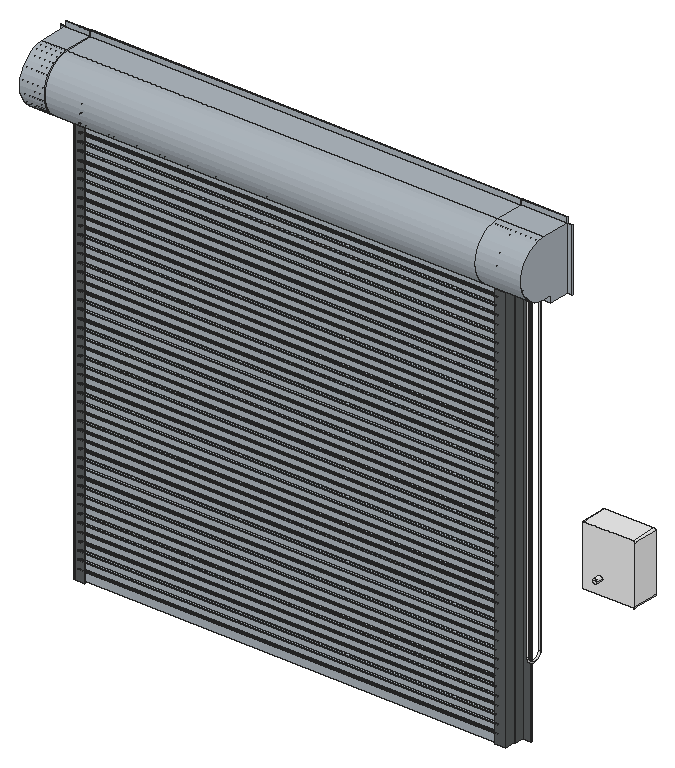
Revit family "Doors_Industrial_Wayne-Dalton_Advanced-Rolling-Door-System-Model-800-ADV", category Specialty Equipment, host Wall, Revit 2022
Family settings
  Host = Wall
  Round Connector Dimension = Use Diameter
  Part Type = Normal
  OmniClass Number = 23.30.10.21.34
  OmniClass Title = Industrial Doors
  Always vertical = Yes
  Cut with Voids When Loaded = Yes
  Maintain Annotation Orientation = No
  Shared = No
  Room Calculation Point = No
Parameters (values of type "208 volts, one phase, 60 Hz (208-240V range)")
  X Motor [instance] = if(or(Opening Height < 120", Opening Height = 120"), 18 1/2", if(or(Opening Height < 180", Opening Height = 180"), 20", if(or(Opening Height < 240", Opening Height = 240"), 22", 22")))  # 18 1/2"
  X ChainH [instance] = if(or(Opening Height < 120", Opening Height = 120"), 18 1/2", if(or(Opening Height < 180", Opening Height = 180"), 20", if(or(Opening Height < 240", Opening Height = 240"), 22", 22")))  # 18 1/2"
  Warning Sign [instance] = if(Calculated Area > 683.00 SF, 1 = 1, 1 = 2)  # no
  Warning (Note) [instance] = if(Warning Sign, "The Door Area is out of the limit; please adjust accordingly. The maximum allowed area is 683 sq. ft.", " ")  # " "
  Wall Thickness [instance] = 6"
  Voltage = 208 V
  True Opening Width [instance] = Clear Width  # 120"
  True Opening Height [instance] = Clear Height  # 120"
  Slat Type [instance] = if(Slat Option < 2, "№4", if(Slat Option = 2, "№14", "№14 - Secur-Vent"))  # "№14"
  Slat Option [instance] = 2  # constant formula
  Slat Length [instance] = Clear Width + G Value * 2 - 1" / 2 * 2  # 126"
  Slat Height [instance] = if(Slat < 2, 13 205/256", 12 1/4")  # 12 1/4"
  Slat [instance] = if(Slat Option < 2, 1, if(Slat Option = 2, 2, if(Slat Option = 3, 3, 4)))  # 2
  Side Room Right [instance] = 18"  # constant formula
  Side Room Left [instance] = 12"  # constant formula
  Product Page URL = "https://www.wayne-dalton.com/advanced-rolling-door-systems-800adv"
  Power Factor = 1
  Powder Coat (Note) = "Wayne Dalton also offers approximately 200 RAL powder coat options to complement the exterior colors of a building."  # constant formula
  Operator Visibility = yes
  Opening Width Real [instance] = if(Opening Width > Max Opening Width, Max Opening Width, if(Opening Width < Min Opening Width, Min Opening Width, Opening Width))  # 120"
  Opening Width [instance] = 120"
  Opening Height Real [instance] = if(Opening Height > Max Opening Height, Max Opening Height, if(Opening Height < Min Opening Height, Min Opening Height, Opening Height))  # 120"
  Opening Height [instance] = 120"
  One Array element [instance] = not(Array Vis)  # no
  Number of Poles = 1
  Min Opening Width [instance] = 18"  # constant formula
  Min Opening Height [instance] = 24"  # constant formula
  Max Opening Width [instance] = 360"  # constant formula
  Max Opening Height [instance] = 360"  # constant formula
  Material Finish [instance] = 800 ADV : Standard - Gray
  M Value [instance] = if(or(Opening Width < 108", Opening Width = 108"), 5 3/4", if(or(Opening Width < 180", Opening Width = 180"), 6 1/4", if(or(Opening Width < 240", Opening Width = 240"), 7 1/4", 9 1/4")))  # 6 1/4"
  Jambs Offset L [instance] = 0"  # constant formula
  Jambs Offset R [instance] = 0"  # constant formula
  Installation Real [instance] = Wall Thickness  # 6"
  Hood Type [instance] = "Round Hood"  # constant formula
  Hood Offset [instance] = 2"  # constant formula
  Hood Material [instance] = Metal - Wayne Dalton - Gray
  Hood Height [instance] = if(Chain Hoist or Manual, Y ChainH - 2", Y Motor - 2")  # 16 1/2"
  Y Motor [instance] = if(or(Opening Height < 120", Opening Height = 120"), 18 1/2", if(or(Opening Height < 180", Opening Height = 180"), 20", if(or(Opening Height < 240", Opening Height = 240"), 22", 22")))  # 18 1/2"
  Y ChainH [instance] = if(or(Opening Height < 120", Opening Height = 120"), 18 1/2", if(or(Opening Height < 180", Opening Height = 180"), 20", if(or(Opening Height < 240", Opening Height = 240"), 22", 22")))  # 18 1/2"
  Headroom Height Lift [instance] = Y Motor + Hood Offset  # 20 1/2"
  Headroom Height [instance] = Headroom Height Lift + 1 1/2"  # 22"
  Guide Type [instance] = "Angled Z Guide"  # constant formula
  Guide Option [instance] = 2  # constant formula
  Guid Depth [instance] = D Value  # 6 1/4"
  G Value [instance] = if(or(Opening Width < 108", Opening Width = 108"), 3", if(or(Opening Width < 180", Opening Width = 180"), 3 1/2", if(or(Opening Width < 240", Opening Width = 240"), 4", 5 9/16")))  # 3 1/2"
  Frequency = 60 Hz
  Face Of Wall Mounting [instance] = not(Between Jambs Mounting)  # yes
  Door Width True [instance] = Clear Width + M Value * 2  # 132 1/2"
  Door Width (Real) [instance] = Clear Width + 1" / 2  # 120 1/2"
  Door Height True [instance] = Clear Width + Headroom Height  # 142"
  Door Height (Real) [instance] = Clear Height + Hood Offset  # 122"
  URL = "https://www.wayne-dalton.com/"
  Product data url = "https://www.bimobject.com/wayne-dalton/product/advanced-rolling-door-systems-800-adv"
  Product Guid = "0b55cba0-5740-4beb-a360-9fda8dc8a982"
  Model = "800 ADV"  # constant formula
  Manufacturer = "Wayne Dalton"  # constant formula
  Wall Closure = By host
  Floor To (CL) of Shaft [instance] = Clear Height + Hood Offset + 2" + Hood Height / 2  # 132 1/4"
  Finish Material = Finish - Wayne Dalton - Black
  Description = "Model 800 ADV Advanced Rolling Door System"  # constant formula
  Default Elevation = 0"
  D Value Clearance [instance] = D Value  # 6 1/4"
  D Value [instance] = if(or(Opening Width < 108", Opening Width = 108"), 5 11/16", if(or(Opening Width < 180", Opening Width = 180"), 6 1/4", if(or(Opening Width < 240", Opening Width = 240"), 6 3/16", 7 1/16")))  # 6 1/4"
  Clearance [instance] = no
  Clear Width [instance] = Opening Width Real  # 120"
  Clear Height [instance] = Opening Height Real  # 120"
  Chain Hoist or Manual = no
  Current = 20 A
  Connector Array Distance = 0"  # constant formula
  Connector Array = if(Chain Hoist or Manual, 2, 3)  # 3
  Between Jambs Mounting [instance] = 1 = 2  # no
  Bar [instance] = if(Face Of Wall Mounting, 1 = 1, 1 = 2)  # yes
  Backroom Depth [instance] = X Motor - 1 1/2"  # 17"
  BJ Opening Cut [instance] = 0"  # constant formula
  Array Vis [instance] = if(Array < 2, 1 = 2, 1 = 1)  # yes
  Array Real [instance] = if(Array < 2, 2, Array)  # 10
  Array Length [instance] = (Array) * Slat Height  # 122 1/2"
  Array [instance] = rounddown(([Door Height (Real)] - 3") / Slat Height) + 1  # 10
  Calculated Area [instance] = [Door Width (Real)] * [Door Height (Real)]  # 102.09 SF
  Apparent Load Phase 3 = if(Number of Poles = 1, 0 VA, (Voltage * Current * sqrt(3)) / 3)  # 0 VA
  Apparent Load Phase 2 = if(Number of Poles = 1, 0 VA, (Voltage * Current * sqrt(3)) / 3)  # 0 VA
  Apparent Load Phase 1 = if(Number of Poles = 1, Voltage * Current, (Voltage * Current * sqrt(3)) / 3)  # 4160 VA
Reference planes (in)
  plane 1 "Center (Front/Back)": y = -13.625
  plane 2 "Center (Left/Right)": x = 0
  plane 3 "Left": x = -60
  plane 4 "Right": x = 60
  plane 5 "Exterior": y = -7.625
  plane 6 "Interior": y = -13.625
  plane 7: z = 120
  plane 8 "Main": y = -19.23437
  plane 9 "Backroom Depth": y = -30.625
  plane 10 "Main Door Block": y = -13.625
  plane 11 "Bottom Bar": z = 2.75
  plane 12: y = -19.875
  plane 13: z = 125.25
  plane 14: z = 140.5
  plane 15: z = 122
  plane 16: z = 142
  plane 17: z = 0
  plane 18: z = 60
  plane 19: y = -19.125
  plane 20 "Double Main": y = -18.656
  plane 21 "Headroom Top": z = 142
  plane 22: z = 132.25
  plane 23: x = 63.5
  plane 24: x = -63.5
  plane 25: z = 113
  plane 26: z = 124
  plane 27: x = 62.8125
  plane 28: z = 2.75
  plane 29: y = -19.125
  plane 30: z = 113
  plane 31: y = -19.125
  plane 32: z = 15
  plane 33: y = -19.125
  plane 34: z = 27.25
  plane 35: y = -19.125
  plane 36: z = 39.5
  plane 37: y = -19.125
  plane 38: z = 51.75
  plane 39: y = -19.125
  plane 40: z = 64
  plane 41: y = -19.125
  plane 42: z = 76.25
  plane 43: y = -19.125
  plane 44: z = 88.5
  plane 45: y = -19.125
  plane 46: z = 100.75
  plane 47: y = -19.125
Forms (in)
  Extrusion 1, void
    sketch origin (0, -13.625, 0) x (0, 0, -1) y (-1, 0, 0)
      loop
        line (-120, 60) -> (-120, -60) -> (0, -60) -> (0, 60) -> (-120, 60)
    from 0 to 6
  Extrusion 2, solid, material "Metal - Wayne Dalton - Gray" <- "Hood Material", visible <- "Bar"
    sketch origin (0, 0, 0) x (0, 1, 0) y (0, 0, 1)
      loop
        line (-13.875, 140.5) -> (-13.625, 140.5) -> (-13.625, 142) -> (-13.875, 142) -> (-13.875, 140.5)
    from -63.25 to 63.25
  Extrusion 3, solid, material "Clearance - Wayne Dalton - Red", visible <- "Clearance"
    sketch origin (0, 0, 0) x (1, 0, 0) y (0, 1, 0)
      loop
        line (78.25, -13.625) -> (60.25, -13.625) -> (60.25, -19.875) -> (78.25, -19.875) -> (78.25, -13.625)
      loop
        line (-60.25, -13.625) -> (-72.25, -13.625) -> (-72.25, -19.875) -> (-60.25, -19.875) -> (-60.25, -13.625)
    from 0 to 122
Lines and regions (in)
  symbolic lines, visible <- "Bar"
    curve 1: line (63.25, -13.625, 0) -> (-63.25, -13.625, 0)
    curve 2: line (-63.25, -13.875, 0) -> (63.25, -13.875, 0)
Text (in)
  text "Exterior" at (-74.96733, 27.31104, 0), in view "Ref. Level"
  text "Interior" at (-74.96733, -25.14366, 0), in view "Ref. Level"
  text "Exterior" at (0, 40.15149, 123.01588), in view "Right"
  text "Interior" at (0, -64.39139, 123.01588), in view "Right"
  text "Interior" at (0, -31.01599, 123.00693), in view "Left"
  text "Exterior" at (0, 54.57065, 123.00693), in view "Left"
Dimensions and locks (in)
  equal spacing: plane 3 "Left", plane 2 "Center (Left/Right)", plane 4 "Right"
  "Clear Width": plane 3 "Left" to plane 4 "Right"
  level to host wall = 459.59655"
  "Clear Height": level to plane 7
  locked: plane 11 "Bottom Bar" to level at 2.75
  locked: plane 12 to plane 8 "Main" at 0.64063
  "Array Length": plane 13 to plane 11 "Bottom Bar"
  "Backroom Depth": plane 9 "Backroom Depth" to plane 10 "Main Door Block"
  locked: plane 16 to plane 14 at 1.5
  locked: Extrusion 2 sketch curve to Extrusion 2 sketch curve at 0.25
  "Installation Real": plane 1 "Center (Front/Back)" to plane 5 "Exterior"
  "Wall Thickness": host wall to host wall
  equal spacing: plane 7, plane 18, plane 17
  locked: plane 8 "Main" to plane 19 at 0.10937
  locked: plane 8 "Main" to plane 20 "Double Main" at 0.57837
  "BJ Opening Cut": Extrusion 1 sketch curve to plane 7
  locked: Extrusion 2 sketch curve to Extrusion 2 sketch curve at 1.5
  "Hood Offset": plane 15 to plane 7
  "Headroom Height": plane 21 "Headroom Top" to plane 7
  "Floor To (CL) of Shaft": plane 22 to level
  "Jambs Offset R": plane 4 "Right" to Extrusion 1 sketch curve
  "Jambs Offset L": Extrusion 1 sketch curve to plane 3 "Left"
  "G Value": plane 23 to plane 4 "Right"
  "G Value": plane 3 "Left" to plane 24
  "Guid Depth": plane 12 to plane 1 "Center (Front/Back)"
  "Slat Height": plane 13 to plane 25
  equal spacing: group 1, group 3, group 4, group 5, group 6, group 7, group 8, group 9, group 10, group 2  (x3)
  locked: plane 23 to Extrusion 2 at 0.25
  locked: plane 24 to Extrusion 2 at 0.25
  locked: plane 26 to plane 15 at 2
  "Hood Height": plane 14 to plane 26
  locked: plane 4 "Right" to plane 27 at 2.8125
  "D Value Clearance": Extrusion 3 sketch curve to Extrusion 3 sketch curve
  locked: plane 4 "Right" to Extrusion 3 sketch curve at 0.25
  "Side Room Right": Extrusion 3 sketch curve to Extrusion 3 sketch curve
  locked: Extrusion 3 sketch curve to plane 3 "Left" at 0.25
  "Side Room Left": Extrusion 3 sketch curve to Extrusion 3 sketch curve
  aligned and locked: plane 5 "Exterior" to host wall
  aligned and locked: host wall to plane 6 "Interior"
  aligned and locked: level to Extrusion 1 sketch curve
  aligned and locked: Extrusion 1 to plane 5 "Exterior"
  aligned and locked: plane 6 "Interior" to Extrusion 1
  aligned and locked: Extrusion 2 sketch curve to plane 16
  aligned and locked: plane 6 "Interior" to Extrusion 2 sketch curve
  aligned and locked: curve 1 to Extrusion 2  (x2)
  aligned and locked: curve 2 to Extrusion 2  (x2)
  aligned and locked: Extrusion 2 to curve 2
  aligned and locked: level to plane 17
  aligned and locked: plane 2 "Center (Left/Right)" to nested 1
  aligned and locked: nested 2 to plane 2 "Center (Left/Right)"
  aligned and locked: nested 3 to plane 18
  aligned and locked: plane 2 "Center (Left/Right)" to nested 3
  aligned and locked: plane 11 "Bottom Bar" to nested 5
  aligned and locked: plane 19 to nested 5
  aligned and locked: nested 3 to plane 19
  aligned and locked: plane 17 to nested 12
  aligned and locked: nested 12 to plane 2 "Center (Left/Right)"
  aligned and locked: nested 12 to plane 1 "Center (Front/Back)"
  aligned and locked: Extrusion 3 sketch curve to plane 1 "Center (Front/Back)"
  aligned and locked: plane 1 "Center (Front/Back)" to Extrusion 3 sketch curve
  aligned and locked: Extrusion 3 sketch curve to Extrusion 3 sketch curve
  aligned and locked: Extrusion 3 to level
  aligned and locked: plane 15 to Extrusion 3
  aligned and locked: plane 11 "Bottom Bar" to plane 28
  aligned and locked: plane 19 to plane 29
  aligned and locked: plane 25 to plane 30
  aligned and locked: plane 31 to plane 19
  aligned and locked: plane 10 "Main Door Block" to plane 6 "Interior"
Automatic sketch dimensions
  plane 23 to curve 1 = 1/4"
Nested families (in)
  nested 1: "Label Annotation 1" at (0, 19.375, 0), visible <- "Warning Sign", type "Label Annotation 1"
  nested 2: "Label Annotation 1" at (0, -40.625, 0) x (-1, 0, 0) z (0, 0, 1), visible <- "Warning Sign", type "Label Annotation 1"
  nested 3: "Warning Sign" at (0, -19.125, 60), visible <- "Warning Sign", type "Warning Sign"
    with Warning Sign no
  nested 4: "800 ADV" at (0, -19.125, 2.75), Slat Option <- "Slat Option", Opening Width <- "Slat Length", type <- "Material Finish", visible <- "Array Vis", type "Standard - Gray"
    with Void Offset 1", Void Height 3/4", Slat Width 3/4", Slat Position + Offset 13.146", Slat Position 12 1/4", Slat Option 2, Secure-Vent no, Profile #14 yes, Perforation no, Opening Width 126", Integrated Cutout no, Fenestration no, Cutout Width Offset 1", Cutout Vertical Offset 0.896", #4 no, # 14 yes
  nested 5: "800 ADV" at (0, -19.125, 2.75), visible <- "One Array element", Slat Option <- "Slat Option", Opening Width <- "Slat Length", type <- "Material Finish", type "Standard - Gray"
    with Void Offset 1", Void Height 3/4", Slat Width 3/4", Slat Position + Offset 13.146", Slat Position 12 1/4", Slat Option 2, Secure-Vent no, Profile #14 yes, Perforation no, Opening Width 126", Integrated Cutout no, Fenestration no, Cutout Width Offset 1", Cutout Vertical Offset 0.896", #4 no, # 14 yes
  nested 6: "800 ADV" at (0, -19.125, 113), Slat Option <- "Slat Option", Opening Width <- "Slat Length", type <- "Material Finish", visible <- "Array Vis", type "Standard - Gray"
    with Void Offset 1", Void Height 3/4", Slat Width 3/4", Slat Position + Offset 13.146", Slat Position 12 1/4", Slat Option 2, Secure-Vent no, Profile #14 yes, Perforation no, Opening Width 126", Integrated Cutout no, Fenestration no, Cutout Width Offset 1", Cutout Vertical Offset 0.896", #4 no, # 14 yes
  nested 7: "800 ADV" at (0, -19.125, 15), Slat Option <- "Slat Option", Opening Width <- "Slat Length", type <- "Material Finish", visible <- "Array Vis", type "Standard - Gray"
    with Void Offset 1", Void Height 3/4", Slat Width 3/4", Slat Position + Offset 13.146", Slat Position 12 1/4", Slat Option 2, Secure-Vent no, Profile #14 yes, Perforation no, Opening Width 126", Integrated Cutout no, Fenestration no, Cutout Width Offset 1", Cutout Vertical Offset 0.896", #4 no, # 14 yes
  nested 8: "800 ADV" at (0, -19.125, 27.25), Slat Option <- "Slat Option", Opening Width <- "Slat Length", type <- "Material Finish", visible <- "Array Vis", type "Standard - Gray"
    with Void Offset 1", Void Height 3/4", Slat Width 3/4", Slat Position + Offset 13.146", Slat Position 12 1/4", Slat Option 2, Secure-Vent no, Profile #14 yes, Perforation no, Opening Width 126", Integrated Cutout no, Fenestration no, Cutout Width Offset 1", Cutout Vertical Offset 0.896", #4 no, # 14 yes
  nested 9: "800 ADV" at (0, -19.125, 39.5), Slat Option <- "Slat Option", Opening Width <- "Slat Length", type <- "Material Finish", visible <- "Array Vis", type "Standard - Gray"
    with Void Offset 1", Void Height 3/4", Slat Width 3/4", Slat Position + Offset 13.146", Slat Position 12 1/4", Slat Option 2, Secure-Vent no, Profile #14 yes, Perforation no, Opening Width 126", Integrated Cutout no, Fenestration no, Cutout Width Offset 1", Cutout Vertical Offset 0.896", #4 no, # 14 yes
  nested 10: "800 ADV" at (0, -19.125, 51.75), Slat Option <- "Slat Option", Opening Width <- "Slat Length", type <- "Material Finish", visible <- "Array Vis", type "Standard - Gray"
    with Void Offset 1", Void Height 3/4", Slat Width 3/4", Slat Position + Offset 13.146", Slat Position 12 1/4", Slat Option 2, Secure-Vent no, Profile #14 yes, Perforation no, Opening Width 126", Integrated Cutout no, Fenestration no, Cutout Width Offset 1", Cutout Vertical Offset 0.896", #4 no, # 14 yes
  nested 11: "800 ADV" at (0, -19.125, 64), Slat Option <- "Slat Option", Opening Width <- "Slat Length", type <- "Material Finish", visible <- "Array Vis", type "Standard - Gray"
    with Void Offset 1", Void Height 3/4", Slat Width 3/4", Slat Position + Offset 13.146", Slat Position 12 1/4", Slat Option 2, Secure-Vent no, Profile #14 yes, Perforation no, Opening Width 126", Integrated Cutout no, Fenestration no, Cutout Width Offset 1", Cutout Vertical Offset 0.896", #4 no, # 14 yes
  nested 12: "Lifts" at (0, -13.625, 0) x (-1, 0, 0) z (0, 0, 1), type "Frame Unit"
    with Round Hood yes, Right Motor Position yes, No Hood no
  nested 13: "800 ADV" at (0, -19.125, 76.25), Slat Option <- "Slat Option", Opening Width <- "Slat Length", type <- "Material Finish", visible <- "Array Vis", type "Standard - Gray"
    with Void Offset 1", Void Height 3/4", Slat Width 3/4", Slat Position + Offset 13.146", Slat Position 12 1/4", Slat Option 2, Secure-Vent no, Profile #14 yes, Perforation no, Opening Width 126", Integrated Cutout no, Fenestration no, Cutout Width Offset 1", Cutout Vertical Offset 0.896", #4 no, # 14 yes
  nested 14: "800 ADV" at (0, -19.125, 88.5), Slat Option <- "Slat Option", Opening Width <- "Slat Length", type <- "Material Finish", visible <- "Array Vis", type "Standard - Gray"
    with Void Offset 1", Void Height 3/4", Slat Width 3/4", Slat Position + Offset 13.146", Slat Position 12 1/4", Slat Option 2, Secure-Vent no, Profile #14 yes, Perforation no, Opening Width 126", Integrated Cutout no, Fenestration no, Cutout Width Offset 1", Cutout Vertical Offset 0.896", #4 no, # 14 yes
  nested 15: "800 ADV" at (0, -19.125, 100.75), Slat Option <- "Slat Option", Opening Width <- "Slat Length", type <- "Material Finish", visible <- "Array Vis", type "Standard - Gray"
    with Void Offset 1", Void Height 3/4", Slat Width 3/4", Slat Position + Offset 13.146", Slat Position 12 1/4", Slat Option 2, Secure-Vent no, Profile #14 yes, Perforation no, Opening Width 126", Integrated Cutout no, Fenestration no, Cutout Width Offset 1", Cutout Vertical Offset 0.896", #4 no, # 14 yes
Connectors (in)
  electrical at (95, -21.165, 59.98825), driven by "Apparent Load Phase 1", driven by "Apparent Load Phase 2", driven by "Apparent Load Phase 3", driven by "Power Factor", driven by "Voltage", driven by "Number of Poles"
    settings: on nested 12, index 1, voltage 208 V, apparent load 0 VA, apparent load phase1 4160 VA, apparent load phase2 0 VA, apparent load phase3 0 VA, power factor 1, load classification "Other", number of poles 1, system type 31, power factor state 1, is connector primary yes, connector utility no, sub classification motor no, connector description "Electrical Connector"
Definition of nested family "800 ADV"
  Parameters (values of type "Standard - Biege")
    Void Offset [instance] = if(Integrated Cutout, 0", 1")  # 1"
    Void Height [instance] = if([Secure-Vent], 2.2", 3/4")  # 3/4"
    Standard = yes
    Slat Width [instance] = if(Slat Option < 2, 7/8", 3/4")  # 7/8"
    Slat Position + Offset [instance] = Slat Position + Cutout Vertical Offset  # 14.696"
    Slat Position [instance] = if(Slat Option < 2, 2.76" * 5, 2.45" * 5)  # 13.8"
    Slat Option [instance] = 1
    Secure-Vent [instance] = if(Slat Option > 2, 1 = 1, 1 = 2)  # no
    Rough Height = 0"
    Profile #14 [instance] = or(# 14, [Secure-Vent])  # no
    Perforation [instance] = [Secure-Vent]  # no
    Fenestration Large = no
    Fenestration [instance] = if(and(Integrated Cutout, not(Perforation)), 1 = 1, 1 = 2)  # no
    Cutout Width Offset [instance] = 1"  # constant formula
    Cutout Material Perforation = none
    Cutout Material = none
    Panel Material = none
    Opening Width [instance] = 123 5/8"
    Cutout Vertical Offset [instance] = 0.896"  # constant formula
    Default Elevation = 48"
    Integrated Cutout [instance] = if(and(Fenestration Large, Slat Option = 2), 1 = 1, if(and(Perforation, Slat Option > 2), 1 = 1, 1 = 2))  # no
    Analytic Construction = "<None>"
    #4 [instance] = if(Slat Option < 2, 1 = 1, 1 = 2)  # yes
    # 14 [instance] = if(Slat Option = 2, 1 = 1, 1 = 2)  # no
  Types (6): name | Standard | Fenestration Large
    Standard - White | yes | no
    Standard - Gray | yes | no
    Vision lites 0.75”x5” - Gray | no | yes
    Vision lites 0.75”x5” - Beige | no | yes
    Vision lites 0.75”x5” - White | no | yes
    Standard - Biege | yes | no
  Reference planes (in)
    plane 1 "Center (Front/Back)": y = 0
    plane 2: z = 0
    plane 3 "Center (Left/Right)": x = 0
    plane 4: x = -61.8125
    plane 5: x = 61.8125
    plane 6: y = 0.875
    plane 7: y = 0
    plane 8: y = 0.4375
    plane 9: y = 0.845
    plane 10: x = -60.8125
    plane 11: x = 60.8125
  Forms (in)
    Extrusion 1, solid, material <- "Panel Material", visible <- "Profile #14"
      sketch origin (0, -4.98186, 13.12534) x (0, 1, 0) y (0, 0, 1)
        loop
          arc (5.73186, -8.66795) -> (5.71046, -8.61155) -> (5.65703, -8.58356) r 0.085
          line (5.65703, -8.58356) -> (5.18016, -8.52611) -> (5.64686, -8.52611)
          arc (5.64686, -8.52611) -> (5.70696, -8.50122) -> (5.73186, -8.44111) r 0.085
          line (5.73186, -8.44111) -> (5.73186, -6.21795)
          arc (5.73186, -6.21795) -> (5.71046, -6.16155) -> (5.65703, -6.13356) r 0.085
          line (5.65703, -6.13356) -> (5.18016, -6.07611) -> (5.64686, -6.07611)
          arc (5.64686, -6.07611) -> (5.70696, -6.05122) -> (5.73186, -5.99111) r 0.085
          line (5.73186, -5.99111) -> (5.73186, -3.76795)
          arc (5.73186, -3.76795) -> (5.71046, -3.71155) -> (5.65703, -3.68356) r 0.085
          line (5.65703, -3.68356) -> (5.18016, -3.62611) -> (5.64686, -3.62611)
          arc (5.64686, -3.62611) -> (5.70696, -3.60122) -> (5.73186, -3.54111) r 0.085
          line (5.73186, -3.54111) -> (5.73186, -1.31795)
          arc (5.73186, -1.31795) -> (5.71046, -1.26155) -> (5.65703, -1.23356) r 0.085
          line (5.65703, -1.23356) -> (5.06387, -1.16211)
          arc (5.06387, -1.16211) -> (5.04815, -1.15387) -> (5.04186, -1.13729) r 0.025
          line (5.04186, -1.13729) -> (5.04186, -1.02403)
          arc (5.04186, -1.02403) -> (5.39304, -0.79238) -> (4.98186, -0.88137) r 0.214
          line (4.98186, -0.88137) -> (4.98186, -1.13729)
          arc (4.98186, -1.13729) -> (5.00326, -1.19368) -> (5.05669, -1.22168) r 0.085
          line (5.05669, -1.22168) -> (5.64985, -1.29313)
          arc (5.64985, -1.29313) -> (5.66556, -1.30136) -> (5.67186, -1.31795) r 0.025
          line (5.67186, -1.31795) -> (5.67186, -3.54111)
          arc (5.67186, -3.54111) -> (5.66454, -3.55879) -> (5.64686, -3.56611) r 0.025
          line (5.64686, -3.56611) -> (5.04186, -3.56611) -> (5.04186, -3.47403)
          arc (5.04186, -3.47403) -> (5.39304, -3.24238) -> (4.98186, -3.33137) r 0.214
          line (4.98186, -3.33137) -> (4.98186, -3.58729)
          arc (4.98186, -3.58729) -> (5.00326, -3.64368) -> (5.05669, -3.67168) r 0.085
          line (5.05669, -3.67168) -> (5.64985, -3.74313)
          arc (5.64985, -3.74313) -> (5.66556, -3.75136) -> (5.67186, -3.76795) r 0.025
          line (5.67186, -3.76795) -> (5.67186, -5.99111)
          arc (5.67186, -5.99111) -> (5.66454, -6.00879) -> (5.64686, -6.01611) r 0.025
          line (5.64686, -6.01611) -> (5.04186, -6.01611) -> (5.04186, -5.92403)
          arc (5.04186, -5.92403) -> (5.39304, -5.69238) -> (4.98186, -5.78137) r 0.214
          line (4.98186, -5.78137) -> (4.98186, -6.03729)
          arc (4.98186, -6.03729) -> (5.00326, -6.09368) -> (5.05669, -6.12168) r 0.085
          line (5.05669, -6.12168) -> (5.64985, -6.19313)
          arc (5.64985, -6.19313) -> (5.66556, -6.20136) -> (5.67186, -6.21795) r 0.025
          line (5.67186, -6.21795) -> (5.67186, -8.44111)
          arc (5.67186, -8.44111) -> (5.66454, -8.45879) -> (5.64686, -8.46611) r 0.025
          line (5.64686, -8.46611) -> (5.04186, -8.46611) -> (5.04186, -8.37403)
          arc (5.04186, -8.37403) -> (5.39304, -8.14238) -> (4.98186, -8.23137) r 0.214
          line (4.98186, -8.23137) -> (4.98186, -8.48729)
          arc (4.98186, -8.48729) -> (5.00326, -8.54368) -> (5.05669, -8.57168) r 0.085
          line (5.05669, -8.57168) -> (5.64985, -8.64313)
          arc (5.64985, -8.64313) -> (5.66556, -8.65136) -> (5.67186, -8.66795) r 0.025
          line (5.67186, -8.66795) -> (5.67186, -10.89111)
          arc (5.67186, -10.89111) -> (5.66454, -10.90879) -> (5.64686, -10.91611) r 0.025
          line (5.64686, -10.91611) -> (5.04186, -10.91611) -> (5.04186, -10.82403)
          arc (5.04186, -10.82403) -> (5.39304, -10.59238) -> (4.98186, -10.68137) r 0.214
          line (4.98186, -10.68137) -> (4.98186, -10.93729)
          arc (4.98186, -10.93729) -> (5.00326, -10.99368) -> (5.05669, -11.02168) r 0.085
          line (5.05669, -11.02168) -> (5.64985, -11.09313)
          arc (5.64985, -11.09313) -> (5.66556, -11.10136) -> (5.67186, -11.11795) r 0.025
          line (5.67186, -11.11795) -> (5.67186, -13.34111)
          arc (5.67186, -13.34111) -> (5.66454, -13.35879) -> (5.64686, -13.36611) r 0.025
          line (5.64686, -13.36611) -> (5.04186, -13.36611) -> (5.04186, -13.2739)
          arc (5.04186, -13.2739) -> (5.39412, -13.04524) -> (4.98186, -13.12534) r 0.21392
          line (4.98186, -13.12534) -> (4.98186, -13.34111)
          arc (4.98186, -13.34111) -> (5.00676, -13.40122) -> (5.06686, -13.42611) r 0.085
          line (5.06686, -13.42611) -> (5.64686, -13.42611)
          arc (5.64686, -13.42611) -> (5.70696, -13.40122) -> (5.73186, -13.34111) r 0.085
          line (5.73186, -13.34111) -> (5.73186, -11.11795)
          arc (5.73186, -11.11795) -> (5.71046, -11.06155) -> (5.65703, -11.03356) r 0.085
          line (5.65703, -11.03356) -> (5.18016, -10.97611) -> (5.64686, -10.97611)
          arc (5.64686, -10.97611) -> (5.70696, -10.95122) -> (5.73186, -10.89111) r 0.085
          line (5.73186, -10.89111) -> (5.73186, -8.66795)
      from -61.8125 to 61.8125
    Extrusion 2, void
      sketch origin (0, 0, 0) x (0, 1, 0) y (0, 0, 1)
        loop
          line (1.815, 1.271) -> (1.815, 0.521) -> (1.875, 0.521) -> (1.875, 1.271) -> (1.815, 1.271)
        loop
          line (1.815, 4.031) -> (1.815, 3.281) -> (1.875, 3.281) -> (1.875, 4.031) -> (1.815, 4.031)
        loop
          line (1.815, 6.791) -> (1.815, 6.041) -> (1.875, 6.041) -> (1.875, 6.791) -> (1.815, 6.791)
        loop
          line (1.815, 9.551) -> (1.815, 8.801) -> (1.875, 8.801) -> (1.875, 9.551) -> (1.815, 9.551)
        loop
          line (1.815, 12.311) -> (1.815, 11.561) -> (1.875, 11.561) -> (1.875, 12.311) -> (1.815, 12.311)
      from -60.8125 to 60.8125
  Cuts and joins
    Extrusion 2 cuts Extrusion 1
  Lines and regions (in)
    reference lines
      curve 1: line (0, -4.98186, 12.78) -> (0, 10.3327, 12.78)
      curve 2: line (0, -2.86663, 14.696) -> (0, 7.97837, 14.696)
      curve 3: line (0, -2.86663, 11.936) -> (0, 7.97837, 11.936)
      curve 4: line (0, -2.86663, 9.176) -> (0, 7.97837, 9.176)
      curve 5: line (0, -2.86663, 6.416) -> (0, 7.97837, 6.416)
      curve 6: line (0, -2.86663, 0.896) -> (0, 7.97837, 0.896)
      curve 7: line (0, -2.86663, 3.656) -> (0, 7.97837, 3.656)
  Dimensions and locks (in)
    equal spacing: plane 4, plane 3 "Center (Left/Right)", plane 5
    "Opening Width": plane 4 to plane 5
    "Slat Width": plane 1 "Center (Front/Back)" to plane 6
    equal spacing: plane 1 "Center (Front/Back)", plane 8, plane 6
    locked: plane 9 to plane 6 at 0.03
    "Cutout Width Offset": plane 4 to plane 10
    "Cutout Width Offset": plane 5 to plane 11
    "Void Height": Extrusion 2 sketch curve to Extrusion 2 sketch curve  (x5)
    locked: Extrusion 2 sketch curve to Extrusion 2 sketch curve at 0.06  (x5)
    "Void Offset": plane 6 to Extrusion 2 sketch curve
    locked: curve 1 to level at 12.78
    "Slat Position": curve 6 to curve 2
    equal spacing: Extrusion 2 sketch curve, curve 3, Extrusion 2 sketch curve
    equal spacing: Extrusion 2 sketch curve, curve 4, Extrusion 2 sketch curve
    equal spacing: Extrusion 2 sketch curve, curve 6, Extrusion 2 sketch curve
    equal spacing: Extrusion 2 sketch curve, curve 5, Extrusion 2 sketch curve
    equal spacing: curve 6, curve 7, curve 5, curve 4, curve 3, curve 2
    equal spacing: Extrusion 2 sketch curve, curve 7, Extrusion 2 sketch curve
    "Cutout Vertical Offset": curve 6 to plane 2
    aligned and locked: plane 2 to level
    aligned and locked: plane 1 "Center (Front/Back)" to plane 7
    aligned and locked: plane 5 to Extrusion 1
    aligned and locked: plane 4 to Extrusion 1
    aligned and locked: plane 9 to nested 1
    aligned and locked: plane 3 "Center (Left/Right)" to nested 1
    aligned and locked: Extrusion 2 sketch curve to Extrusion 2 sketch curve  (x4)
    aligned and locked: plane 10 to Extrusion 2
    aligned and locked: plane 11 to Extrusion 2
    aligned and locked: plane 3 "Center (Left/Right)" to nested 2
    aligned and locked: plane 3 "Center (Left/Right)" to nested 3
    aligned and locked: plane 3 "Center (Left/Right)" to nested 4
    aligned and locked: plane 3 "Center (Left/Right)" to nested 5
    aligned and locked: plane 9 to nested 2
    aligned and locked: plane 9 to nested 3
    aligned and locked: plane 9 to nested 4
    aligned and locked: plane 9 to nested 5
    aligned and locked: plane 9 to nested 10
    aligned and locked: plane 9 to nested 9
    aligned and locked: plane 9 to nested 8
    aligned and locked: plane 9 to nested 7
    aligned and locked: plane 9 to nested 6
  Automatic sketch dimensions
    plane 1 "Center (Front/Back)" to curve 1 = 4.98186"
    plane 1 "Center (Front/Back)" to curve 7 = 2.86663"
    curve 1 to curve 2 = 2.11523"
    curve 5 to curve 7 = 0"
    curve 3 to curve 2 = 0"  (x2)
    curve 6 to curve 7 = 0"
    curve 4 to curve 3 = 0"
    curve 2 to plane 6 = 7.10337"
    curve 5 to plane 6 = 7.10337"
    curve 4 to curve 5 = 0"
    curve 6 to curve 5 = 0"
    curve 7 to curve 5 = 0"
    curve 2 to curve 1 = 2.35433"
    Extrusion 1 sketch curve to Extrusion 1 sketch curve = 0"  (x48)
    curve 1 to Extrusion 1 sketch curve = 4.98186"
    curve 1 to Extrusion 1 sketch curve = 0.53603"
    Extrusion 1 sketch curve to Extrusion 1 sketch curve = 0.06"  (x9)
    Extrusion 1 sketch curve to Extrusion 1 sketch curve = 0.07483"  (x4)
    curve 1 to Extrusion 1 sketch curve = 0.87633"
    Extrusion 1 sketch curve to Extrusion 1 sketch curve = 0.01483"
    curve 1 to Extrusion 1 sketch curve = 3.32633"
    Extrusion 1 sketch curve to Extrusion 1 sketch curve = 0.12347"  (x4)
    curve 1 to Extrusion 1 sketch curve = 3.28077"
    curve 1 to Extrusion 1 sketch curve = 0.81676"
    Extrusion 1 sketch curve to Extrusion 1 sketch curve = 0.1133"  (x4)
    Extrusion 1 sketch curve to Extrusion 1 sketch curve = 0.00299"  (x4)
    Extrusion 1 sketch curve to Extrusion 1 sketch curve = 0.025"
    Extrusion 1 sketch curve to Extrusion 1 sketch curve = 0.21392"  (x6)
    Extrusion 1 sketch curve to Extrusion 1 sketch curve = 0.15392"
    Extrusion 1 sketch curve to Extrusion 1 sketch curve = 0.45109"  (x3)
    Extrusion 1 sketch curve to Extrusion 1 sketch curve = 0.45108"
    Extrusion 1 sketch curve to Extrusion 1 sketch curve = 0.59017"  (x2)
    curve 1 to Extrusion 1 sketch curve = 0.94778"
    curve 1 to Extrusion 1 sketch curve = 3.39778"
    Extrusion 1 sketch curve to Extrusion 1 sketch curve = 0.01017"  (x3)
    curve 1 to Extrusion 1 sketch curve = 0.88821"
    curve 1 to Extrusion 1 sketch curve = 3.33821"
    Extrusion 1 sketch curve to Extrusion 1 sketch curve = 2.0074"  (x4)
    Extrusion 1 sketch curve to Extrusion 1 sketch curve = 0.00603"  (x3)
    Extrusion 1 sketch curve to Extrusion 1 sketch curve = 0.21577"  (x4)
    Extrusion 1 sketch curve to Extrusion 1 sketch curve = 0.09209"
    Extrusion 1 sketch curve to Extrusion 1 sketch curve = 0.14265"
    Extrusion 1 sketch curve to Extrusion 1 sketch curve = 0.11326"
  Nested families (in)
    nested 1: "Perforation" at (0, 0.845, 0.896), visible <- "Fenestration", Perforation <- "Cutout Material", type "Perforation"
    nested 2: "Perforation" at (0, 0.845, 3.656), visible <- "Fenestration", Perforation <- "Cutout Material", type "Perforation"
    nested 3: "Perforation" at (0, 0.845, 6.416), visible <- "Fenestration", Perforation <- "Cutout Material", type "Perforation"
    nested 4: "Perforation" at (0, 0.845, 9.176), visible <- "Fenestration", Perforation <- "Cutout Material", type "Perforation"
    nested 5: "Perforation" at (0, 0.845, 11.936), visible <- "Fenestration", Perforation <- "Cutout Material", type "Perforation"
    nested 6: "Perforation" at (0, 0.845, 11.936), visible <- "Perforation", Perforation <- "Cutout Material Perforation", type "Perforation"
      with Perforation none
    nested 7: "Perforation" at (0, 0.845, 9.176), visible <- "Perforation", Perforation <- "Cutout Material Perforation", type "Perforation"
      with Perforation none
    nested 8: "Perforation" at (0, 0.845, 6.416), visible <- "Perforation", Perforation <- "Cutout Material Perforation", type "Perforation"
      with Perforation none
    nested 9: "Perforation" at (0, 0.845, 3.656), visible <- "Perforation", Perforation <- "Cutout Material Perforation", type "Perforation"
      with Perforation none
    nested 10: "Perforation" at (0, 0.845, 0.896), visible <- "Perforation", Perforation <- "Cutout Material Perforation", type "Perforation"
      with Perforation none
  Definition of nested family "Perforation"
    Parameters (values of type "Perforation")
      Thickness = 0.06"
      Perforation [instance] = none
      Opening Width = 123 5/8"
      Offset = 1"
      Height = 3/4"
      Default Elevation = 48"
    Reference planes (in)
      plane 1 "Center (Front/Back)": y = 0
      plane 2: z = 0
      plane 3 "Center (Left/Right)": x = 0
      plane 4: z = 0.375
      plane 5: z = -0.375
      plane 6: y = -0.03
      plane 7: y = 0.03
      plane 8: x = -61.8125
      plane 9: x = 61.8125
      plane 10: x = -60.8125
      plane 11: x = 60.8125
    Forms (in)
      Extrusion 1, solid, material <- "Perforation"
        sketch origin (0, -0.19, 0) x (0, 1, 0) y (0, 0, 1)
          loop
            line (0.16, 0.375) -> (0.16, -0.375) -> (0.22, -0.375) -> (0.22, 0.375) -> (0.16, 0.375)
        from -60.8125 to 60.8125
    Dimensions and locks (in)
      equal spacing: plane 4, level, plane 5
      "Height": plane 4 to plane 5
      equal spacing: plane 6, plane 1 "Center (Front/Back)", plane 7
      "Thickness": plane 6 to plane 7
      "Opening Width": plane 8 to plane 9
      "Offset": plane 8 to plane 10
      "Offset": plane 9 to plane 11
      equal spacing: plane 8, plane 3 "Center (Left/Right)", plane 9
      aligned and locked: plane 2 to level
      aligned and locked: plane 4 to Extrusion 1
      aligned and locked: Extrusion 1 to plane 5
      aligned and locked: plane 6 to Extrusion 1
      aligned and locked: plane 7 to Extrusion 1
      aligned and locked: Extrusion 1 to plane 10
      aligned and locked: plane 11 to Extrusion 1
    Automatic sketch dimensions
      Extrusion 1 sketch curve to level = 3/8"
      plane 1 "Center (Front/Back)" to Extrusion 1 sketch curve = 0.03"
      Extrusion 1 sketch curve to plane 1 "Center (Front/Back)" = 0.03"
      plane 4 to Extrusion 1 sketch curve = 0"
Definition of nested family "Lifts"
  Parameters (values of type "Frame Unit")
    True Width = if(Between Jambs, Opening Width, Opening Width + 1/2")  # 120 1/2"
    Slat Option = 1
    Side Clearance R Real = Side Clearance R + 1/4"  # 18 1/4"
    Side Clearance R = 18"
    Side Clearance L Real = Side Clearance L + 1/4"  # 12 1/4"
    Side Clearance L = 12"
    Round Hood [instance] = 1 = 1  # yes
    Rough Width = 0"
    Rough Height = 0"
    Right Motor Position [instance] = yes
    No Hood [instance] = no
    M Value = 6 1/4"
    Hood Offset = 2"
    Hood Height = Headroom Height Real - Hood Offset  # 18 1/2"
    Headroom Height Real = Headroom Height  # 20 1/2"
    Half Hood Height = Headroom Height - Hood Offset  # 18 1/2"
    Guide Z Wide R = M Value - G Value  # 2 3/4"
    Guide Z Wide L = M Value - G Value  # 2 3/4"
    Guide Offset R = BJ Displacement R + G Value  # 3 1/2"
    Guide Offset L = BJ Displacement L + G Value  # 3 1/2"
    G Value = 3 1/2"
    E Guide Width R = if(Between Jambs, Guide Offset R - G Value, 3")  # 3"
    E Guide Width L = if(Between Jambs, Guide Offset L - G Value, 3")  # 3"
    E Guide Height = 3"  # constant formula
    Z Guide = 1 = 1  # yes
    Slat Material = none
    Shaft Offset = (Hood Height - 2") / 2  # 8 1/4"
    Shaft Material = none
    Shaft Length 2 = G Value + 4"  # 7 1/2"
    Shaft Length 1 = G Value + 4"  # 7 1/2"
    Setback = if(Between Jambs, 0", 1/4")  # 1/4"
    Radius Hood = Shaft Offset  # 8 1/4"
    Opening Width = 120"
    Hood Material = none
    Headroom Height = 20 1/2"
    Header Width = 17"
    Opening Height = 120"
    Guide Type = if(Between Jambs, "Angled Between Jambs Z Guide", if(Guide Option > 1, "Angled Z Guide", "Angled E Guide"))  # "Angled Z Guide"
    Guide Option = if(Between Jambs, 1, 2)  # 2
    Guide Z Height = 3"  # constant formula
    Floor To (CL) of Shaft = 132 1/4"
    Finish Material = none
    Face to Wall Mount = not(Between Jambs)  # yes
    E Guide = if(Between Jambs, 1 = 1, 1 = 2)  # no
    Default Elevation = 0"
    D Value = 6 1/4"
    Chain offset = if(Opening Height < 35", Opening Height - 5", 30")  # 30"
    Between Jambs = no
    BJ Position = if(Between Jambs, 1/4", 0")  # 0"
    BJ Displacement R = if(Face to Wall Mount, 0", Side Clearance R - G Value)  # 0"
    BJ Displacement L = if(Face to Wall Mount, 0", Side Clearance L - G Value)  # 0"
    Angled Guide = 1 = 1  # yes
  Reference planes (in)
    plane 1 "Center (Front/Back)": y = 0
    plane 2: z = 0
    plane 3 "Center (Left/Right)": x = 0
    plane 4 "Opening Height": z = 120
    plane 5: x = -67.5
    plane 6: x = 67.5
    plane 7: z = 140.5
    plane 8: y = 17
    plane 9 "Real Opening 2": x = -60
    plane 10 "Real Opening 1": x = 60
    plane 11: z = 122
    plane 12 "Main": y = 0
    plane 13: z = 132.25
    plane 14: x = 63.5
    plane 15: x = -63.5
    plane 16: x = -63.5
    plane 17: x = 63.5
    plane 18: y = 6.25
    plane 19: x = -63.25
    plane 20: x = 63.25
    plane 21: z = 142
    plane 22: y = 6.25
    plane 23: y = 5.125
    plane 24: y = 6.25
    plane 25: y = 5.125
    plane 26: x = 70.75
    plane 27: x = -76.75
    plane 28: x = 70.5
    plane 29: x = -76.5
    plane 30: x = -95
    plane 31: z = 60
    plane 32: y = 7.54
    plane 33: z = 124
    plane 34: z = 30
    plane 35: z = 0
    plane 36: x = -74
    plane 37: x = -78.25
    plane 38: x = 72.25
  Forms (in)
    Extrusion 1, solid, material <- "Slat Material"
      sketch origin (0, 0, 0) x (0, 1, 0) y (0, 0, 1)
        loop
          line (5.5, 2.375) -> (5.5, 2.75) -> (4.75, 2.75) -> (4.75, 2.375) -> (5.5, 2.375)
      from -63.25 to 63.25
    Extrusion 2, solid, material <- "Slat Material"
      sketch origin (0, 0, 0) x (0, 1, 0) y (0, 0, 1)
        loop
          line (5.5, 2.375) -> (4.75, 2.375) -> (4.75, 0) -> (5.5, 0) -> (5.5, 2.375)
      from -63.25 to 63.25
    Extrusion 3, solid, material <- "Shaft Material"
      sketch origin (0, -5.35201, 0) x (0, 1, 0) y (0, 0, 1)
        loop
          circle (14.10201, 132.25) r 0.6
      from -76.5 to 70.5
    Extrusion 4, solid, material <- "Hood Material"
      sketch origin (0, 0, 0) x (0, 1, 0) y (0, 0, 1)
        loop
          line (0, 140.5) -> (0, 122) -> (6, 122) -> (6, 124) -> (8.75, 124)
          arc (8.75, 124) -> (17, 132.25) -> (8.75, 140.5) r 8.25
          line (8.75, 140.5) -> (0, 140.5)
      from -76.75 to 70.75
    Extrusion 5, solid, material <- "Finish Material", visible <- "Z Guide"
      sketch origin (0, 0, 0) x (1, 0, 0) y (0, 1, 0)
        loop
          line (66.25, 0) -> (66.25, 0.062)
          arc (66.25, 0.062) -> (66.19494, 0.19494) -> (66.062, 0.25) r 0.188
          line (66.062, 0.25) -> (63.75, 0.25) -> (63.75, 2.812)
          arc (63.75, 2.812) -> (63.69494, 2.94494) -> (63.562, 3) r 0.188
          line (63.562, 3) -> (63.5, 3) -> (63.5, 0) -> (66.25, 0)
        loop
          line (-66.25, 0) -> (-63.5, 0) -> (-63.5, 3) -> (-63.562, 3)
          arc (-63.562, 3) -> (-63.69494, 2.94494) -> (-63.75, 2.812) r 0.188
          line (-63.75, 2.812) -> (-63.75, 0.25) -> (-66.062, 0.25)
          arc (-66.062, 0.25) -> (-66.19494, 0.19494) -> (-66.25, 0.062) r 0.188
          line (-66.25, 0.062) -> (-66.25, 0)
      from 0 to 122
    Extrusion 6, solid, material <- "Finish Material", visible <- "Angled Guide"
      sketch origin (0, 0, 0) x (1, 0, 0) y (0, 1, 0)
        loop
          line (60.25, 6.25) -> (60.25, 6.187)
          arc (60.25, 6.187) -> (60.30477, 6.05477) -> (60.437, 6) r 0.187
          line (60.437, 6) -> (63.25, 6) -> (63.25, 4.25) -> (60.25, 4.25) -> (60.25, 4.187)
          arc (60.25, 4.187) -> (60.30477, 4.05477) -> (60.437, 4) r 0.187
          line (60.437, 4) -> (63, 4) -> (63, 2) -> (63.5, 2) -> (63.5, 6.25) -> (60.25, 6.25)
        loop
          line (-60.25, 6.25) -> (-63.5, 6.25) -> (-63.5, 2) -> (-63, 2) -> (-63, 4) -> (-60.437, 4)
          arc (-60.437, 4) -> (-60.30477, 4.05477) -> (-60.25, 4.187) r 0.187
          line (-60.25, 4.187) -> (-60.25, 4.25) -> (-63.25, 4.25) -> (-63.25, 6) -> (-60.437, 6)
          arc (-60.437, 6) -> (-60.30477, 6.05477) -> (-60.25, 6.187) r 0.187
          line (-60.25, 6.187) -> (-60.25, 6.25)
      from 0 to 120
    Extrusion 7, solid, material <- "Hood Material"
      sketch origin (0, 35, 0) x (0, 1, 0) y (0, 0, 1)
        loop
          line (-35, 140.5) -> (-35, 122) -> (-29, 122) -> (-29, 124) -> (-26.25, 124)
          arc (-26.25, 124) -> (-18, 132.25) -> (-26.25, 140.5) r 8.25
          line (-26.25, 140.5) -> (-35, 140.5)
      from -76.75 to 70.75
    Extrusion 8, void
      sketch origin (0, 0, 0) x (0, 1, 0) y (0, 0, 1)
        loop
          line (0, 140.5) -> (0, 122) -> (17, 122) -> (17, 140.5) -> (0, 140.5)
      from -63.25 to 63.5
    Extrusion 9, solid, material <- "Hood Material"
      sketch origin (0, 0, 0) x (1, 0, 0) y (0, 0, 1)
        loop
          line (-63.5, 140.5) -> (-63.5, 142) -> (-78.25, 142) -> (-78.25, 122) -> (-76.75, 122) -> (-76.75, 140.5) -> (-63.5, 140.5)
        loop
          line (63.5, 140.5) -> (70.75, 140.5) -> (70.75, 122) -> (72.25, 122) -> (72.25, 142) -> (63.5, 142) -> (63.5, 140.5)
      from 0 to -0.25
    Extrusion 10, void
      sketch origin (0, 0, 0) x (1, 0, 0) y (0, 0, 1)
        loop
          line (-76.75, 140.5) -> (-76.75, 142) -> (-78.75, 142) -> (-78.75, 140.5) -> (-76.75, 140.5)
        loop
          line (70.75, 140.5) -> (72.75, 140.5) -> (72.75, 142) -> (70.75, 142) -> (70.75, 140.5)
      from -0.71968 to 0.40528
    Extrusion 11, solid, material <- "Shaft Material"
      sketch origin (-95, 0, 60) x (-1, 0, 0) y (0, 0, -1)
        loop
          arc (7.25, -8.8945) -> (7.60355, -8.74805) -> (7.75, -8.3945) r 0.5
          line (7.75, -8.3945) -> (7.75, 8.418)
          arc (7.75, 8.418) -> (7.60355, 8.77155) -> (7.25, 8.918) r 0.5
          line (7.25, 8.918) -> (-7.25, 8.918)
          arc (-7.25, 8.918) -> (-7.60355, 8.77155) -> (-7.75, 8.418) r 0.5
          line (-7.75, 8.418) -> (-7.75, -8.3945)
          arc (-7.75, -8.3945) -> (-7.60355, -8.74805) -> (-7.25, -8.8945) r 0.5
          line (-7.25, -8.8945) -> (7.25, -8.8945)
      from 0 to -7.54
    Revolve 12, solid, material <- "Shaft Material", visible <- "Right Motor Position"
      sketch origin (-95, 0, 55.48825) x (-1, 0, 0) y (0, -1, 0)
        loop
          line (-2.6811, -7.54) -> (-2.6811, -9.312) -> (-2.0811, -9.312) -> (-1.9311, -7.54) -> (-2.6811, -7.54)
        axis (-2.6811, -7.54) -> (-2.6811, -9.312)
      angle from 0 to 360
    Sweep 13, solid, material <- "Shaft Material"
      path origin (-74, 28.875, 1000) x (0, 1, 0) y (0, 0, 1)
        loop
          line (-18.08594, -875.5) -> (-18.08594, -970)
          arc (-18.08594, -970) -> (-19.98047, -971.89453) -> (-21.875, -970) r 1.89453
          line (-21.875, -970) -> (-21.875, -876)
      profile origin (-74, 10.78906, 77.25) x (1, 0, 0) y (0, 1, 0)
        loop
          circle (0, 0.2675) r 0.2675
  Cuts and joins
    Extrusion 8 cuts Extrusion 4
    Extrusion 10 cuts Extrusion 9
  Lines and regions (in)
    Masking region 1
      outline origin (0, 0, 0) x (1, 0, 0) y (0, 1, 0)
        loop
          line (-63.5, 17) -> (-63.5, 0) -> (63.5, 0) -> (63.5, 17) -> (-63.5, 17)
    Masking region 2
      outline origin (-95, 0, 60) x (-1, 0, 0) y (0, -1, 0)
        loop
          line (-7.75, -7.54) -> (7.75081, -7.54) -> (7.75081, 0) -> (-7.75, 0) -> (-7.75, -7.54)
    Masking region 3
      outline origin (-95, 0, 60) x (-1, 0, 0) y (0, -1, 0)
        loop
          line (-3.2811, -9.312) -> (-2.0811, -9.312) -> (-1.9311, -7.54) -> (-3.4311, -7.54) -> (-3.2811, -9.312)
    Masking region 4
      outline origin (0, 0, 0) x (1, 0, 0) y (0, 1, 0)
        loop
          line (-76.75, 17) -> (-76.75, 0.25) -> (-78.25, 0.25) -> (-78.25, 0) -> (-63.5, 0) -> (-63.5, 17) -> (-76.75, 17)
        loop
          line (63.5, 0) -> (72.25, 0) -> (72.25, 0.25) -> (70.75, 0.25) -> (70.75, 17) -> (63.5, 17) -> (63.5, 0)
    symbolic lines
      curve 1: line (-63.25, 0, 0) -> (-63.25, 17, 0)
      curve 2: line (63.25, 17, 0) -> (63.25, 0, 0)
      curve 5: line (-78.25, 0.25, 0) -> (-63.5, 0.25, 0)
      curve 6: line (63.5, 0.25, 0) -> (72.25, 0.25, 0)
    reference lines
      curve 3: line (-95, 0, 60) -> (-107, 0, 60)
      curve 4: line (-95, 0, 55.48825) -> (-107, 0, 55.48825)
  Dimensions and locks (in)
    Extrusion 1 sketch curve to level = 2 3/8"
    locked: Extrusion 1 sketch curve to Extrusion 1 sketch curve at 0.75
    locked: Extrusion 2 sketch curve to level at 2.375
    "Headroom Height Real": plane 7 to plane 4 "Opening Height"
    plane 8 to plane 1 "Center (Front/Back)" = 17"
    "Opening Height": plane 4 "Opening Height" to level
    "Hood Offset": plane 11 to plane 4 "Opening Height"
    "BJ Position": plane 12 "Main" to plane 1 "Center (Front/Back)"
    "Header Width": plane 12 "Main" to plane 8
    "Floor To (CL) of Shaft": plane 13 to level
    "Shaft Offset": Extrusion 3 sketch curve to plane 8
    locked: Extrusion 2 sketch curve to Extrusion 2 sketch curve at 0.75
    "Guide Offset L": plane 10 "Real Opening 1" to plane 14
    "Guide Offset R": plane 15 to plane 9 "Real Opening 2"
    locked: Extrusion 5 sketch curve to Extrusion 5 sketch curve at 0.25  (x4)
    "Guide Z Wide L": Extrusion 5 sketch curve to Extrusion 5 sketch curve
    "Guide Z Height": Extrusion 5 sketch curve to Extrusion 5 sketch curve  (x2)
    "Guide Z Wide R": Extrusion 5 sketch curve to Extrusion 5 sketch curve
    locked: Extrusion 6 sketch curve to Extrusion 6 sketch curve at 0.25  (x6)
    locked: Extrusion 6 sketch curve to Extrusion 6 sketch curve at 2.25  (x2)
    locked: Extrusion 6 sketch curve to Extrusion 6 sketch curve at 4.25  (x2)
    "Setback": plane 10 "Real Opening 1" to Extrusion 6 sketch curve
    "Setback": Extrusion 6 sketch curve to plane 9 "Real Opening 2"
    "G Value": Extrusion 5 sketch curve to plane 9 "Real Opening 2"
    "G Value": plane 10 "Real Opening 1" to Extrusion 5 sketch curve
    "G Value": plane 10 "Real Opening 1" to plane 17
    "G Value": plane 16 to plane 9 "Real Opening 2"
    "Shaft Length 1": plane 5 to plane 9 "Real Opening 2"
    "Shaft Length 2": plane 6 to plane 10 "Real Opening 1"
    locked: Extrusion 2 to plane 17 at 0.25
    locked: Extrusion 2 to plane 16 at 0.25
    locked: plane 16 to plane 19 at 0.25
    locked: plane 20 to plane 17 at 0.25
    equal spacing: plane 9 "Real Opening 2", plane 3 "Center (Left/Right)", plane 10 "Real Opening 1"
    "Opening Width": plane 9 "Real Opening 2" to plane 10 "Real Opening 1"
    locked: plane 21 to plane 7 at 1.5
    "D Value": plane 1 "Center (Front/Back)" to plane 18
    "D Value": plane 22 to plane 1 "Center (Front/Back)"
    locked: plane 22 to plane 23 at 1.125
    equal spacing: Extrusion 1 sketch curve, plane 23, Extrusion 1 sketch curve
    "D Value": plane 24 to plane 1 "Center (Front/Back)"
    locked: plane 24 to plane 25 at 1.125
    equal spacing: Extrusion 2 sketch curve, plane 25, Extrusion 2 sketch curve
    "G Value": plane 10 "Real Opening 1" to Extrusion 6 sketch curve
    "G Value": Extrusion 6 sketch curve to plane 9 "Real Opening 2"
    locked: Extrusion 4 sketch curve to Extrusion 4 sketch curve at 6
    "Shaft Offset": Extrusion 4 sketch curve to plane 8
    locked: Extrusion 4 sketch curve to plane 11 at 2
    Extrusion 5 to plane 8 = 17"
    locked: Extrusion 7 sketch curve to Extrusion 7 sketch curve at 6
    "Shaft Offset": Extrusion 7 sketch curve to plane 8
    locked: Extrusion 7 sketch curve to plane 11 at 2
    locked: plane 26 to plane 28 at 0.25
    locked: plane 29 to plane 27 at 0.25
    locked: Extrusion 9 to Extrusion 9 at 0.25
    locked: Extrusion 10 sketch curve to Extrusion 10 sketch curve at 2  (x2)
    locked: Extrusion 10 sketch curve to Extrusion 10 sketch curve at 1.5  (x2)
    locked: Extrusion 10 to plane 1 "Center (Front/Back)" at 0.40528
    locked: Extrusion 10 to Extrusion 10 at 1.12497
    locked: Extrusion 10 to Extrusion 10 at 2
    locked: Extrusion 9 sketch curve to Extrusion 9 sketch curve at 1.5  (x2)
    locked: cut or joined group of Extrusion 9, Extrusion 10 to cut or joined group of Extrusion 9, Extrusion 10 at 0.25
    Masking region 2 sketch curve to Masking region 2 sketch curve = 15.50081"
    locked: Masking region 2 sketch curve to Masking region 2 sketch curve at 7.54
    locked: curve 3 to curve 3 at 12
    locked: curve 4 to curve 4 at 12
    locked: plane 31 to curve 4 at 4.51175
    locked: plane 31 to plane 2 at 60
    locked: Revolve 12 sketch curve to Revolve 12 sketch curve at 0.6
    locked: Revolve 12 sketch curve to Revolve 12 sketch curve at 0.75
    locked: Revolve 12 sketch curve to plane 32 at 1.772
    locked: plane 30 to plane 19 at 31.75
    "Chain offset": plane 34 to plane 35
    locked: plane 36 to plane 9 "Real Opening 2" at 14
    locked: plane 33 to plane 11 at 2
    locked: Extrusion 9 sketch curve to plane 7 at 1.5
    Extrusion 9 sketch curve to plane 7 = 1 1/2"
    locked: Sweep 13 sketch curve to plane 33 at 0.5
    locked: plane 27 to plane 37 at 1.5
    "Side Clearance R Real": plane 37 to plane 9 "Real Opening 2"
    locked: plane 38 to plane 26 at 1.5
    "Side Clearance L Real": plane 38 to plane 10 "Real Opening 1"
    radius of Extrusion 5 sketch curve = 0.188"  (x4)
    locked: Extrusion 6 sketch curve to Extrusion 6 sketch curve (radius 0.187")  (x4)
    aligned and locked: plane 2 to level
    aligned and locked: Extrusion 4 sketch curve to plane 7
    aligned and locked: plane 13 to Extrusion 3 sketch curve
    aligned and locked: Extrusion 5 sketch curve to plane 1 "Center (Front/Back)"  (x2)
    aligned and locked: plane 18 to Extrusion 6 sketch curve
    aligned and locked: Extrusion 6 sketch curve to Extrusion 6 sketch curve  (x2)
    aligned and locked: Extrusion 6 sketch curve to plane 18
    aligned and locked: plane 4 "Opening Height" to Extrusion 6
    aligned and locked: Extrusion 4 sketch curve to plane 12 "Main"
    aligned and locked: Masking region 1 to curve 2  (x2)
    aligned and locked: Masking region 1 to curve 1  (x2)
    aligned and locked: Extrusion 2 to Extrusion 1
    aligned and locked: Extrusion 1 to Extrusion 2
    aligned and locked: Masking region 1 to plane 16
    aligned and locked: Masking region 1 to plane 17
    aligned and locked: Extrusion 4 sketch curve to plane 11
    aligned and locked: Extrusion 5 to plane 11
    aligned and locked: Extrusion 7 sketch curve to plane 7
    aligned and locked: Extrusion 7 sketch curve to plane 12 "Main"
    aligned and locked: Extrusion 7 sketch curve to plane 11
    aligned and locked: Extrusion 8 sketch curve to plane 12 "Main"
    aligned and locked: Extrusion 8 sketch curve to plane 11
    aligned and locked: Extrusion 8 sketch curve to plane 8
    aligned and locked: Extrusion 8 sketch curve to plane 7
    aligned and locked: cut or joined group of Extrusion 4, Extrusion 8 to plane 27
    aligned and locked: plane 26 to cut or joined group of Extrusion 4, Extrusion 8
    aligned and locked: plane 26 to Extrusion 7
    aligned and locked: Extrusion 7 to plane 27
    aligned and locked: plane 28 to Extrusion 3
    aligned and locked: Extrusion 3 to plane 29
    aligned and locked: Extrusion 9 sketch curve to plane 7
    aligned and locked: Extrusion 9 sketch curve to plane 27
    aligned and locked: plane 11 to Extrusion 9 sketch curve
    aligned and locked: plane 1 "Center (Front/Back)" to Extrusion 9
    aligned and locked: plane 27 to Extrusion 10
    aligned and locked: plane 26 to Extrusion 10 sketch curve
    aligned and locked: plane 21 to Extrusion 10 sketch curve
    aligned and locked: curve 3 to plane 30
    aligned and locked: curve 3 to plane 31
    aligned and locked: curve 4 to plane 30
    aligned and locked: Revolve 12 sketch curve to Revolve 12 sketch curve
    aligned and locked: Revolve 12 sketch curve to plane 32
    aligned and locked: plane 34 to Sweep 13 sketch curve  (x2)
    aligned and locked: plane 35 to plane 2
    aligned and locked: cut or joined group of Extrusion 4, Extrusion 8 to plane 19
    aligned and locked: cut or joined group of Extrusion 4, Extrusion 8 to plane 17
    aligned and locked: plane 16 to Extrusion 9 sketch curve
    aligned and locked: plane 17 to Extrusion 9 sketch curve
    aligned and locked: Extrusion 10 sketch curve to Extrusion 10 sketch curve
    aligned and locked: Masking region 4 sketch curve to cut or joined group of Extrusion 4, Extrusion 8
    aligned and locked: Masking region 4 sketch curve to plane 8  (x2)
    aligned and locked: plane 15 to Masking region 4 sketch curve
    aligned and locked: plane 1 "Center (Front/Back)" to Masking region 4 sketch curve
    aligned and locked: Masking region 4 sketch curve to plane 37
    aligned and locked: cut or joined group of Extrusion 9, Extrusion 10 to Masking region 4 sketch curve
    aligned and locked: Masking region 4 sketch curve to plane 14
    aligned and locked: Masking region 4 sketch curve to plane 38
    aligned and locked: Masking region 4 sketch curve to plane 1 "Center (Front/Back)"
    aligned and locked: Masking region 4 sketch curve to cut or joined group of Extrusion 9, Extrusion 10
    aligned and locked: Masking region 4 sketch curve to plane 26
    aligned and locked: plane 37 to curve 5
    aligned and locked: plane 16 to curve 5
    aligned and locked: curve 5 to cut or joined group of Extrusion 9, Extrusion 10
    aligned and locked: plane 38 to curve 6
    aligned and locked: plane 14 to curve 6
    aligned and locked: curve 6 to cut or joined group of Extrusion 9, Extrusion 10
  Automatic sketch dimensions
    Masking region 1 sketch curve to plane 1 "Center (Front/Back)" = 0"
    Masking region 1 sketch curve to plane 15 = 0"
    Masking region 1 sketch curve to plane 14 = 0"
    Masking region 1 sketch curve to plane 8 = 0"
    Extrusion 9 sketch curve to plane 11 = 0"
    Extrusion 9 sketch curve to plane 7 = 0"
    Extrusion 10 sketch curve to plane 27 = 0"
    Extrusion 11 sketch curve to curve 3 = 7 3/4"
    Extrusion 11 sketch curve to Extrusion 11 sketch curve = 1/2"  (x3)
    Extrusion 11 sketch curve to curve 3 = 4 3/4"  (x2)
    Extrusion 11 sketch curve to curve 3 = 8.8945"
    curve 3 to Extrusion 11 sketch curve = 8.418"
    Revolve 12 sketch curve to curve 4 = 2.6811"
    Revolve 12 sketch curve to curve 4 = 18.88505"
    Revolve 12 sketch curve to curve 4 = 3.07036"
    curve 3 to Masking region 2 sketch curve = 0"
    Masking region 2 sketch curve to curve 3 = 7 3/4"
    Masking region 3 sketch curve to curve 3 = 3.4311"
    Masking region 3 sketch curve to Masking region 3 sketch curve = 0.15"
    Masking region 3 sketch curve to Masking region 3 sketch curve = 1.2"
    Masking region 3 sketch curve to Masking region 3 sketch curve = 1 1/2"
    Masking region 3 sketch curve to curve 3 = 9.312"
    Masking region 3 sketch curve to Masking region 3 sketch curve = 1.772"
    Sweep 13 sketch curve to profile plane = 0"
    Sweep 13 sketch curve to profile plane = 0.2675"
    Sweep 13 sketch curve to plane 33 = 0"
    Sweep 13 sketch curve to plane 1 "Center (Front/Back)" = 7"
    Sweep 13 sketch curve to Sweep 13 sketch curve = 1 229/256"
    Extrusion 9 sketch curve to plane 26 = 0"
    curve 1 to plane 19 = 0"
    curve 2 to plane 20 = 0"
    Extrusion 1 sketch curve to Extrusion 1 sketch curve = 3/8"
    Extrusion 2 sketch curve to level = 0"
    Extrusion 6 sketch curve to plane 19 = 1/4"
    plane 20 to Extrusion 6 sketch curve = 1/4"
    radius of Extrusion 3 sketch curve = 0.6"
    radius of Sweep 13 sketch curve = 0.2675"
Definition of nested family "Label Annotation 1"
  Parameters (values of type "Label Annotation 1-8")
    Label = "Area is too big. Please reduce Door Size."
  Reference planes (in)
    plane 1: y = 0
    plane 2: x = 0
  Text (in)
    label "Label" at (0.00375, -0.00345, 0), shows "Label"
Definition of nested family "Warning Sign"
  Parameters (values of type "Warning Sign")
    Warning Sign [instance] = no
    Default Elevation = 48"
  Reference planes (in)
    plane 1 "Center (Front/Back)": y = 0
    plane 2: z = 0
    plane 3 "Center (Left/Right)": x = 0
    plane 4: y = 0.5
    plane 5: y = -0.5
    plane 6: y = 1
    plane 7: y = 0.25
  Lines and regions (in)
    model lines
      curve 1: line (-2.26129, 1, 45.69444) -> (-26.3817, 1, 3.91667)
      curve 2: line (-25.25106, 1, 3.26389) -> (-1.13064, 1, 45.04167)
      curve 3: arc (2.26129, 1, 45.69444) -> (0, 1, 47) -> (-2.26129, 1, 45.69444) r 2.61111
      curve 4: arc (-1.13064, 1, 45.04167) -> (0, 1, 45.69444) -> (1.13064, 1, 45.04167) r 1.30556
      curve 5: line (1.13064, 1, 45.04167) -> (25.25106, 1, 3.26389)
      curve 6: line (26.3817, 1, 3.91667) -> (2.26129, 1, 45.69444)
      curve 7: arc (25.25106, 1, 3.26389) -> (25.25106, 1, 1.95833) -> (24.12041, 1, 1.30556) r 1.30556
